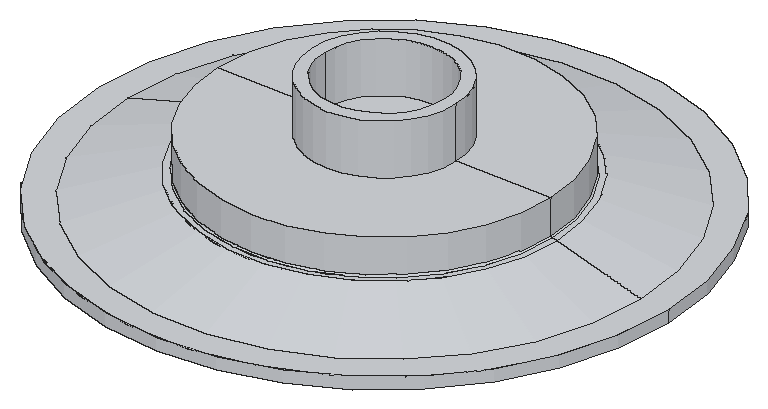
Revit family "VFO", category Air Terminals, Revit 2012
Parameters (values of type "VFO-R-06")
  URL = "http://www.innes.com.mx"
  Mínima velocidad de cuello = 1400 FPM
  Mínima presión estática = 0.00 in-wg
  Máxima presión estática = 0.00 in-wg
  Min Flow = 60 CFM
  Máxima velocidad de cuello = 300 FPM
  Máximo nivel de ruido (NC) = "34"
  Max Flow = 280 CFM
  Material = "Aluminio/Acero"
  Manufacturer = "INNES"
  M = A Cuello - 3 1/2"  # 2 1/2"
  D = B Plato - 2"  # 21 3/4"
  C2 original = 13 7/8"
  C1 = C / 2  # 1.46774"
  C original = 21 7/16"
  C = 2.93548"
  B Plato = 23 3/4"
  A4 = A Cuello / 2  # 3"
  A2 = A1 + 1 1/2"  # 14 1/2"
  A1 = A Cuello + 7"  # 13"
  A Cuello = 6"
Types (4): name | URL | Mínima velocidad de cuello | Min Flow | Máxima velocidad de cuello | Máximo nivel de ruido (NC) | Max Flow | Material | Manufacturer | M | C2 original | C original | A4 | A2 | A1 | A Cuello
  (no name) | "http://www.innes.com.mx" | 1400 FPM | 60 CFM | 300 FPM | "34" | 280 CFM | "Aluminio/Acero" | "INNES" | 2 1/2" | 13 7/8" | 21 7/16" | 3" | 14 1/2" | 13" | 6"
  VFO-R-06 | "http://www.innes.com.mx" | 1400 FPM | 60 CFM | 300 FPM | "34" | 280 CFM | "Aluminio/Acero" | "INNES" | 2 1/2" | 13 7/8" | 21 7/16" | 3" | 14 1/2" | 13" | 6"
  VFO-R-08 | 0" | 0 FPM | 0 CFM | 0 FPM | "" | 0 CFM | "" | 0" | 4 1/2" | 13" | 21 3/4" | 4" | 16 1/2" | 15" | 8"
  VFO-R-10 | 0" | 0 FPM | 0 CFM | 0 FPM | "" | 0 CFM | "" | 0" | 6 1/2" | 13" | 21 3/4" | 5" | 18 1/2" | 17" | 10"
Reference planes (in)
  plane 1 "Center (Front/Back)": y = 0
  plane 2: z = 0
  plane 3 "Center (Left/Right)": x = 0
  plane 4: x = -11.875
  plane 5: x = 11.875
  plane 6: y = -11.875
  plane 7: y = 11.875
  plane 8: x = -10.71875
  plane 9: x = -7.25
  plane 10: x = -6.9375
  plane 11: x = 6.9375
  plane 12: x = 7.25
  plane 13: x = 10.71875
  plane 14: z = 2.93548
  plane 15: z = 1.46774
  plane 16 "REF1": z = -0.25
  plane 17: x = -10.875
  plane 18: y = 10.875
  plane 19: y = -10.875
  plane 20: x = 10.875
  plane 21 "REF_BOCA": z = 2.9375
  plane 22: y = 3
  plane 23: y = -3
  plane 24: x = 3
  plane 25: x = -3
Forms (in)
  Extrusion 1, solid
    sketch origin (0, 0, 0) x (1, 0, 0) y (0, 1, 0)
      loop
        circle (0, 0) r 11.875
    from 0 to 0.5
  Revolve 2, solid
    sketch origin (0, 0, 0) x (1, 0, 0) y (0, 0, 1)
      loop
        line (-6.9375, 2.93548) -> (-6.9375, 1.53024)
        arc (-6.9375, 1.53024) -> (-6.95581, 1.48605) -> (-7, 1.46774) r 0.0625
        line (-7, 1.46774) -> (-7.25, 1.46774) -> (-10.71875, 0.5) -> (0, 0.5) -> (0, 2.93548) -> (-6.9375, 2.93548)
      axis (0, 2.93548) -> (0, 0.5)
    angle from 0 to 360
  Extrusion 3, solid
    sketch origin (0, 0, -0.25) x (-1, 0, 0) y (0, -1, 0)
      loop
        circle (0, 0) r 10.875
    from 0 to 0.0625
  Extrusion 4, solid
    sketch origin (0, 0, 2.9375) x (-1, 0, 0) y (0, -1, 0)
      loop
        circle (0, 0) r 3
      loop
        circle (0, 0) r 2.5
    from 0 to 2.125
Dimensions and locks (in)
  equal spacing: plane 4, plane 3 "Center (Left/Right)", plane 5
  "B Plato": plane 4 to plane 5
  equal spacing: plane 7, plane 1 "Center (Front/Back)", plane 6
  "B Plato": plane 7 to plane 6
  equal spacing: plane 11, plane 3 "Center (Left/Right)", plane 10
  equal spacing: plane 12, plane 3 "Center (Left/Right)", plane 9
  equal spacing: plane 13, plane 3 "Center (Left/Right)", plane 8
  "C2 original": plane 11 to plane 10
  "A2": plane 12 to plane 9
  "C": plane 14 to level
  "C1": plane 15 to level
  "C original": plane 13 to plane 8
  equal spacing: plane 17, plane 3 "Center (Left/Right)", plane 20
  equal spacing: plane 18, plane 1 "Center (Front/Back)", plane 19
  "D": plane 17 to plane 20
  "D": plane 18 to plane 19
  equal spacing: plane 25, plane 3 "Center (Left/Right)", plane 24
  equal spacing: plane 22, plane 1 "Center (Front/Back)", plane 23
  "A Cuello": plane 25 to plane 24
  "A Cuello": plane 22 to plane 23
  "A4": radius of Extrusion 4 sketch curve
  "M": radius of Extrusion 4 sketch curve
  aligned and locked: plane 2 to level
Automatic sketch dimensions
  Revolve 2 sketch curve to plane 8 = 0"
  Revolve 2 sketch curve to plane 9 = 0"
  Revolve 2 sketch curve to plane 15 = 0"
  Revolve 2 sketch curve to plane 10 = 0"
  Revolve 2 sketch curve to plane 3 "Center (Left/Right)" = 0"  (x2)
  Revolve 2 sketch curve to level = 0"
  Revolve 2 sketch curve to plane 14 = 0"
  plane 9 to Revolve 2 sketch curve = 1/4"
  level to Revolve 2 sketch curve = 1/2"
  Revolve 2 sketch curve to Revolve 2 sketch curve = 2"
  plane 1 "Center (Front/Back)" to Extrusion 3 sketch curve = 0"
  Extrusion 3 sketch curve to plane 3 "Center (Left/Right)" = 0"
  Extrusion 4 sketch curve to Extrusion 4 sketch curve = 0"  (x2)
  plane 1 "Center (Front/Back)" to Extrusion 4 sketch curve = 0"
  Extrusion 4 sketch curve to plane 3 "Center (Left/Right)" = 0"
  plane 1 "Center (Front/Back)" to Extrusion 1 sketch curve = 0"
  Extrusion 1 sketch curve to plane 3 "Center (Left/Right)" = 0"
  radius of Extrusion 3 sketch curve = 10 7/8"
  radius of Extrusion 1 sketch curve = 11 7/8"
Connectors (in)
  piping at (0, 0, 5.0625), driven by "A4"
    settings: on Extrusion 4, index 1, connector radius 3", flow factor 0, pipe flow 0 GPM, pressure drop 0.00 psi, fitting loss kfactor 0, connector angle 0.00°, fixture units 0, engagement length 0", flow configuration 0, flow direction 0, fitting loss method 0, system type 7, joint type 0, gender type 0, connector reference index -1, connector utility 0, adjustable connector no, is connector primary yes, fitting loss table "", connector description ""
